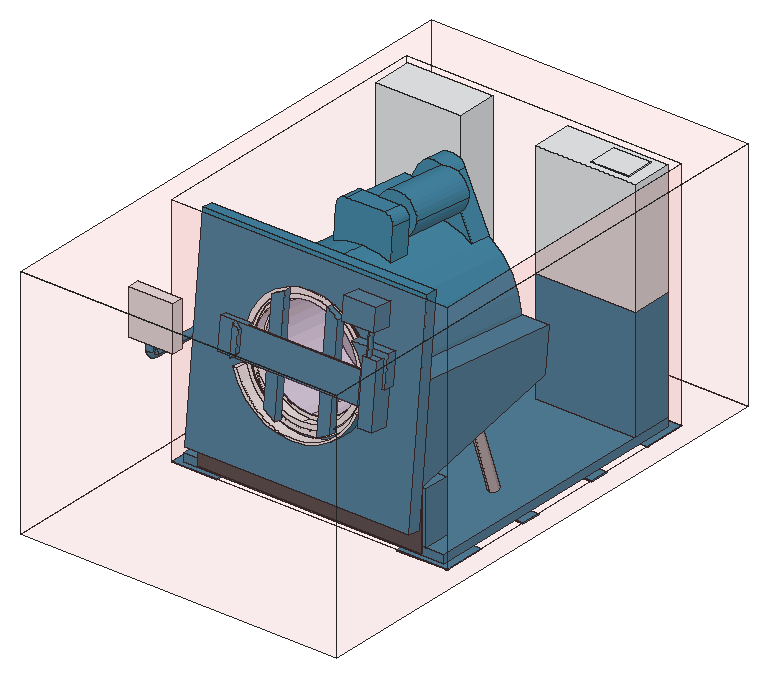
Revit family "Washer_Milnor_700lb-Capacity_72046M5K", category Mechanical Equipment, Revit 2026
Family settings
  Round Connector Dimension = Use Diameter
  Part Type = Normal
  Classification Number = 23.45.70.11.14.11
  Work Plane-Based = Yes
  Always vertical = No
  Cut with Voids When Loaded = No
  Maintain Annotation Orientation = No
  Shared = No
  Room Calculation Point = No
Parameters (values of type "7246M5KCE2018075D")
  doorgas = 28 1/2"
  Warranty Duration (Years) = 5
  Voltage_MEP = 44.5935 V
  Vibration Frequency = 0
  Unit Width = 116 7/16"
  Unit Weight = 17100
  Unit Height = 136 3/4"
  Unit Depth = 124 5/16"
  URL = "http://www.milnor.com/"
  Suspension Type = "Suspended"
  Specification = "https://www.arcat.com/sd/clients/pellerin.html"
  SpecWizard = "https://www.arcat.com/specwizard/11110pmc/index04.htm"
  Send Message = "http://www.arcat.com/users.pl?action=UserEmail&company=Pellerin+Milnor+Corp.&coid=34740&rep=108&fax=504-468-3094&mf="
  Sales Information = "http://www.milnor.com/contact_us.aspx"
  Revision = "R1_08-2018"
  Product Properties = "https://www.arcat.com/arcatcos/cos34/arc34740.html"
  Product Data = "http://www.arcat.com/arcatcos/cos34/arc34740.html"
  Phase = 3
  Number of Poles = 1
  Model = "7246M5KCE2018075D"
  Manufacturer Website = "http://www.milnor.com/"
  Manufacturer Phone - Toll Free = "800-469-8780"
  Manufacturer Phone = "504-467-9591"
  Manufacturer Fax = "504-468-3094"
  Manufacturer Address = "700 Jackson St.   Kenner, LA 70062"
  Manufacturer = "Pellerin Milnor Corp"
  Maintenance Schedule (Months) = 0
  MEP Amperage = 35 A
  Keynote = "11110"
  Interior Finish [instance] = Metal - Stainless Steel - Milnor - as Specified
  Installation-Fabrication = "https://www.arcat.com/catalogs/pellerin/pellerin.html"
  Installation Phase = ""
  Green Building-LEED = "https://www.arcat.com/green/green_building.shtml"
  Frequency = 60 Hz
  Extraction G-Force = "300 Gs"
  Expected Lifespan (Years) = 12
  Dynamic Load = 0.00 kip
  Drawn By = "Sumex Design, Inc. / Robert S. Weygant, CSI, CDT, SCIP"
  Door Opening Depth = 69 5/16"
  Door Opening = 48"
  Door Glazing [instance] = Glazing - Milnor - as Specified
  Door Finish [instance] = Metal - Stainless Steel - Milnor - Powder Coat as Specified
  Clearance Visible [instance] = yes
  Cabinet Front Doodads [instance] = Metal - Stainless Steel - Milnor - Powder Coat as Specified
  Description = "Milnor Commercial Washer Extractor"
  Default Elevation = 48"
  Cylinder Volume = 0.00 CF
  Cylinder Diameter = 68"
  Cylinder Depth = 36"
  Door Base from FF = 23.2"
  Copyright = "©Arcat Inc."
  Construction Details = "https://www.arcat.com/catalogs/pellerin/pellerin.html"
  Capacity = "600-700 lb"
  Cabinet Finish [instance] = Paint - Milnor - Blue
  Assembly Code = "E1010610"
Reference planes (in)
  plane 1 "Center (Front/Back)": y = 0
  plane 2 "Bottom": z = 0
  plane 3 "Center (Left/Right)": x = 0
  plane 4: y = -119.34375
  plane 5: z = 45
  plane 6: y = 50.03125
  plane 7: y = -50.03125
  plane 8: x = -58.21875
  plane 9: x = 58.21875
  plane 10: y = 73.96875
  plane 11: x = 53.125
  plane 12: z = 99.36991
  plane 13: y = 97.90625
Forms (in)
  Extrusion 1, solid, material "Paint - Milnor - Blue" <- "Cabinet Finish"
    sketch origin (0, 0, 0) x (1, 0, 0) y (0, 1, 0)
      loop
        line (-58.21875, -32.03125) -> (-58.21875, -50.03125) -> (-39.21875, -50.03125) -> (-39.21875, -32.03125) -> (-58.21875, -32.03125)
      loop
        line (37, -32.03125) -> (37, -50.03125) -> (58.21875, -50.03125) -> (58.21875, -32.03125) -> (37, -32.03125)
      loop
        line (-39.21875, -2.03125) -> (-58.21875, -2.03125) -> (-58.21875, -10.03125) -> (-39.21875, -10.03125) -> (-39.21875, -2.03125)
      loop
        line (-58.21875, 73.96875) -> (-58.21875, 55.96875) -> (-39.21875, 55.96875) -> (-39.21875, 73.96875) -> (-58.21875, 73.96875)
      loop
        line (37, 73.96875) -> (37, 55.96875) -> (58.21875, 55.96875) -> (58.21875, 73.96875) -> (37, 73.96875)
      loop
        line (-39.21875, 33.96875) -> (-58.21875, 33.96875) -> (-58.21875, 25.96875) -> (-39.21875, 25.96875) -> (-39.21875, 33.96875)
      loop
        line (37, -2.03125) -> (37, -10.03125) -> (58.21875, -10.03125) -> (58.21875, -2.03125) -> (37, -2.03125)
      loop
        line (37, 33.96875) -> (37, 25.96875) -> (58.21875, 25.96875) -> (58.21875, 33.96875) -> (37, 33.96875)
    from 0 to 0.25
  Extrusion 2, solid, material "Paint - Milnor - Black"
    sketch origin (-6.57785, -13.70318, 89.41361) x (0, 0, -1) y (1, 0, 0)
      loop
        circle (84.80775, 8.75) r 0.625
    from -88.59546 to 7.38853
  Extrusion 3, solid, material "Paint - Milnor - Blue" <- "Cabinet Finish"
    sketch origin (0, 0, 0) x (0, 1, 0) y (0, 0, 1)
      loop
        line (-51.69838, 11.91811) -> (-42.56176, 98.84727) -> (-47.53437, 99.36991) -> (-56.67099, 12.44076) -> (-51.69838, 11.91811)
    from -47.36425 to 47.36425
  Extrusion 4, solid, material "Paint - Milnor - Blue" <- "Cabinet Finish"
    sketch origin (0, -56.67099, 12.44076) x (0, 0.104528, 0.994522) y (-1, 0, 0)
      loop
        line (63.34195, -20.19914) -> (50.34195, -20.19914) -> (50.34195, -36.19914) -> (63.34195, -36.19914) -> (63.34195, -20.19914)
    from 0 to 4.277
  Extrusion 5, solid, material "Paint - Milnor - Blue" <- "Cabinet Finish"
    sketch origin (0, -55.88752, 19.89503) x (0, 0.104528, 0.994522) y (-1, 0, 0)
      loop
        line (47.15153, 32.74416) -> (34.15153, 32.74416) -> (34.15153, -26.34959) -> (47.15153, -26.34959) -> (47.15153, 32.74416)
    from 2.77869 to 5.14773
  Extrusion 6, solid, material "Paint - Milnor - Blue" <- "Cabinet Finish"
    sketch origin (0, -56.67099, 12.44076) x (0, 0.104528, 0.994522) y (-1, 0, 0)
      loop
        line (35.14687, -28.71384) -> (35.14687, -34.71384) -> (61.14687, -34.71384) -> (61.14687, -28.71384) -> (35.14687, -28.71384)
    from 0 to 7.70364
  Extrusion 7, solid, material "Paint - Milnor - Blue" <- "Cabinet Finish"
    sketch origin (0, -55.88752, 19.89503) x (0, 0.104528, 0.994522) y (-1, 0, 0)
      loop
        line (47.15153, 26.3125) -> (34.15153, 26.3125) -> (36.27285, 24.19118) -> (45.03021, 24.19118) -> (47.15153, 26.3125)
    from 5.14773 to 6.92948
  Extrusion 8, solid, material "Paint - Milnor - Blue" <- "Cabinet Finish"
    sketch origin (0, -56.67099, 12.44076) x (0, 0.104528, 0.994522) y (-1, 0, 0)
      loop
        line (50.34195, -29.67675) -> (42.34195, -29.67675) -> (42.34195, -31.67675) -> (50.34195, -31.67675) -> (50.34195, -29.67675)
    from 0 to 1.85829
  Extrusion 9, solid, material "Metal - Stainless Steel - Milnor - Powder Coat as Specified" <- "Door Finish"
    sketch origin (0, -55.88752, 19.89503) x (0, 0.104528, 0.994522) y (-1, 0, 0)
      loop
        circle (39.57704, 0) r 26
      loop
        circle (39.57704, 0) r 24
    from 0 to 0.25
  Extrusion 10, void
    sketch origin (0, -56.67099, 12.44076) x (0, -0.104528, -0.994522) y (-1, 0, 0)
      loop
        circle (-47.07237, -2.36425) r 25
    from -4.42404 to 9
  Extrusion 11, solid, material "Metal - Stainless Steel - Milnor - Powder Coat as Specified" <- "Door Finish"
    sketch origin (0, -55.88752, 19.89503) x (0, 0.104528, 0.994522) y (-1, 0, 0)
      loop
        circle (39.57704, 0) r 24
      loop
        circle (39.57704, 0) r 22
    from -5 to 0.125
  Extrusion 12, solid, material "Metal - Stainless Steel - Milnor - Powder Coat as Specified" <- "Door Finish"
    sketch origin (0, -55.88752, 19.89503) x (0, 0.104528, 0.994522) y (-1, 0, 0)
      loop
        circle (39.57704, 0) r 22
      loop
        circle (39.57704, 0) r 20.75
    from -42.18531 to -4
  Extrusion 13, solid, material "Glazing - Milnor - as Specified" <- "Door Glazing"
    sketch origin (0, -55.88752, 19.89503) x (0, 0.104528, 0.994522) y (-1, 0, 0)
      loop
        circle (39.57704, 0) r 20.75
    from -4.75 to -4.25
  Extrusion 14, solid, material "Paint - Milnor - Blue" <- "Cabinet Finish"
    sketch origin (2.83749, -56.64594, 12.67914) x (0, 0.104528, 0.994522) y (-1, 0, 0)
      loop
        arc (37.97157, 29.21249) -> (19.4855, 2.83749) -> (37.97157, -23.53751) r 28.0583
        line (37.97157, -23.53751) -> (37.97157, -22.33875)
        arc (37.97157, -22.33875) -> (20.29951, 2.53625) -> (37.97157, 27.41125) r 26.34292
        line (37.97157, 27.41125) -> (37.97157, 29.21249)
    from 0 to 4.96607
  Extrusion 15, solid, material "Metal - Stainless Steel - Milnor - Powder Coat as Specified" <- "Cabinet Front Doodads"
    sketch origin (70.39204, 23.96875, 99.36991) x (0, 1, 0) y (-1, 0, 0)
      loop
        line (32.27914, 36.44492) -> (32.27914, 20.70001) -> (44.27914, 20.70001) -> (44.27914, 36.44492) -> (32.27914, 36.44492)
    from 0 to 0.125
  Extrusion 16, solid, material "Paint - Milnor - Black"
    sketch origin (0, 70.49846, 0.25) x (0, 0, 1) y (1, 0, 0)
      loop
        circle (74.9785, -34.50451) r 0.25
      loop
        circle (6.9785, -34.50451) r 2
    from 0 to 0.48985
  Extrusion 17, solid, material "ARCAT Clearance", visible <- "Clearance Visible"
    sketch origin (64.26493, 103.11566, 0) x (1, 0, 0) y (0, 1, 0)
      loop
        line (2.76632, -5.20941) -> (-131.17118, -5.20941) -> (-131.17118, -222.45941) -> (2.76632, -222.45941) -> (2.76632, -5.20941)
      loop
        line (-122.48368, -153.14691) -> (-6.04618, -153.14691) -> (-6.04618, -29.14691) -> (-122.48368, -29.14691) -> (-122.48368, -153.14691)
    from 0 to 99.36991
  Revolve 18, solid, material "Paint - Milnor - Blue" <- "Cabinet Finish"
    sketch origin (0, 0, 0) x (0, 1, 0) y (0, 0, 1)
      loop
        line (-46.77798, 58.73262) -> (36.66924, 49.96196) -> (37.98157, 62.44795) -> (22.77323, 85.60977) -> (-43.22401, 92.54636) -> (-46.77798, 58.73262)
      axis (-46.77798, 58.73262) -> (36.66924, 49.96196)
    angle from 0 to 360
  Extrusion 19, solid, material "Paint - Milnor - Blue" <- "Cabinet Finish"
    sketch origin (0, 0, 0) x (1, 0, 0) y (0, 0, 1)
      loop
        line (-54.90625, 3.5) -> (-54.90625, 0.25) -> (54.90625, 0.25) -> (54.90625, 3.5) -> (-54.90625, 3.5)
    from -70.49846 to 47.72029
  Extrusion 20, solid, material "Paint - Milnor - Blue" <- "Cabinet Finish"
    sketch origin (0, 0, 0) x (0, 1, 0) y (0, 0, 1)
      loop
        line (-47.72029, 3.5) -> (-36.72029, 3.5) -> (-36.72029, 25.79376) -> (-47.72029, 25.79376) -> (-47.72029, 3.5)
    from -47.36425 to 47.36425
  Extrusion 21, solid, material "Paint - Milnor - Blue" <- "Cabinet Finish"
    sketch origin (0, 0, 0) x (0, 1, 0) y (0, 0, 1)
      loop
        line (-46.17628, 64.45743) -> (-50.33195, 24.91887) -> (17.93945, 39.61945) -> (19.82096, 57.52084) -> (-46.17628, 64.45743)
    from -45 to -34.125
  Extrusion 22, solid, material "Paint - Milnor - Blue" <- "Cabinet Finish"
    sketch origin (0, 0, 0) x (0, 1, 0) y (0, 0, -1)
      loop
        line (-46.17628, -64.45743) -> (19.82096, -57.52084) -> (17.93945, -39.61945) -> (-50.33195, -24.91887) -> (-46.17628, -64.45743)
    from -45 to -34.125
  Extrusion 23, solid, material "Paint - Milnor - Blue" <- "Cabinet Finish"
    sketch origin (0, 23.96875, 0) x (0, 1, 0) y (0, 0, 1)
      loop
        line (29.52971, 50.72341) -> (29.52971, 3.5) -> (46.52971, 3.5) -> (46.52971, 50.72341) -> (29.52971, 50.72341)
    from 12.63859 to 54.90625
  Extrusion 24, solid, material "Metal - Stainless Steel - Milnor - Powder Coat as Specified" <- "Cabinet Front Doodads"
    sketch origin (0, 23.96875, 0) x (0, 1, 0) y (0, 0, 1)
      loop
        line (46.52971, 50.72341) -> (46.52971, 99.36991) -> (29.52971, 99.36991) -> (29.52971, 50.72341) -> (46.52971, 50.72341)
    from 12.63859 to 54.90625
  Extrusion 25, solid, material "Paint - Milnor - Blue" <- "Cabinet Finish"
    sketch origin (0, 8.57565, -5.98428) x (1, 0, 0) y (0, 0.104528, 0.994522)
      loop
        spline (0, 91.10297) -> (1.5343, 91.07803) -> (3.06623, 91.00325) -> (4.59344, 90.87875) -> (6.11357, 90.70471) -> (7.62428, 90.4814) -> (9.12324, 90.20918) -> (10.60814, 89.88845) -> (12.0767, 89.51971) -> (13.52664, 89.10354) -> (14.95575, 88.64056) -> (16.36181, 88.13151) -> (17.74266, 87.57715)
        line (17.74266, 87.57715) -> (6.11891, 108.49711)
        arc (6.11891, 108.49711) -> (0, 112.09727) -> (-6.11891, 108.49711) r 7
        line (-6.11891, 108.49711) -> (-17.74266, 87.57715)
        spline (-17.74266, 87.57715) -> (-16.36181, 88.13151) -> (-14.95575, 88.64056) -> (-13.52664, 89.10354) -> (-12.0767, 89.51971) -> (-10.60814, 89.88845) -> (-9.12324, 90.20918) -> (-7.62428, 90.4814) -> (-6.11357, 90.70471) -> (-4.59344, 90.87875) -> (-3.06623, 91.00325) -> (-1.5343, 91.07803) -> (0, 91.10297)
    from -4.54561 to 4.46202
  Revolve 26, solid, material "Paint - Milnor - Blue" <- "Cabinet Finish"
    sketch origin (-32, 23.96875, 0) x (0, 1, 0) y (0, 0, 1)
      loop
        line (21.16723, 39.23406) -> (21.16723, 3.5) -> (23.52971, 3.5) -> (23.52971, 8.5) -> (27.54474, 14.23406) -> (27.54474, 39.23406) -> (21.16723, 39.23406)
      axis (21.16723, 39.23406) -> (21.16723, 3.5)
    angle from 0 to 360
  Revolve 27, solid, material "Metal - Stainless Steel - Milnor - as Specified"
    sketch origin (-40, 0, 0) x (0, 1, 0) y (0, 0, 1)
      loop
        line (-2.94357, 3.8942) -> (-1.04563, 4.52493) -> (-10.80664, 33.89713) -> (-12.70458, 33.26641) -> (-2.94357, 3.8942)
      axis (-12.70458, 33.26641) -> (-2.94357, 3.8942)
    angle from 0 to 360
  Revolve 28, solid, material "Metal - Stainless Steel - Milnor - as Specified"
    sketch origin (40, 0, 0) x (0, 1, 0) y (0, 0, -1)
      loop
        line (-2.94357, -3.8942) -> (-12.70458, -33.26641) -> (-10.80664, -33.89713) -> (-1.04563, -4.52493) -> (-2.94357, -3.8942)
      axis (-12.70458, -33.26641) -> (-2.94357, -3.8942)
    angle from 0 to 360
  Extrusion 29, solid, material "Paint - Milnor - Blue" <- "Cabinet Finish"
    sketch origin (0, 0, 0) x (1, 0, 0) y (0, 0, 1)
      loop
        spline (19, 30.69133) -> (16.04552, 29.47412) -> (12.9763, 28.46613) -> (9.8143, 27.67456) -> (6.58212, 27.10507) -> (3.30287, 26.76174) -> (0, 26.64703) -> (-3.30287, 26.76174) -> (-6.58212, 27.10507) -> (-9.8143, 27.67456) -> (-12.9763, 28.46613) -> (-16.04552, 29.47412) -> (-19, 30.69133)
        line (-19, 30.69133) -> (-19, 0) -> (19, 0) -> (19, 30.69133)
    from 21.09171 to 36.72029
  Extrusion 30, solid, material "Paint - Milnor - Blue" <- "Cabinet Finish"
    sketch origin (0.125, 23.96875, 0) x (0, 1, 0) y (0, 0, -1)
      loop
        line (29.52971, -39.23406) -> (46.52971, -39.23406) -> (46.52971, -3.5) -> (29.52971, -3.5) -> (29.52971, -39.23406)
    from 19.125 to 55.03125
  Extrusion 31, solid, material "Metal - Stainless Steel - Milnor - Powder Coat as Specified" <- "Cabinet Front Doodads"
    sketch origin (0.125, 23.96875, 0) x (0, 1, 0) y (0, 0, -1)
      loop
        line (46.52971, -39.23406) -> (29.52971, -39.23406) -> (29.52971, -99.36991) -> (46.52971, -99.36991) -> (46.52971, -39.23406)
    from 19.125 to 55.03125
  Extrusion 32, solid, material "Paint - Milnor - Black"
    sketch origin (28.41978, 70.74846, 126.34642) x (0, 0, -1) y (0, -1, 0)
      loop
        circle (84.80775, 8.75) r 1
      loop
        circle (99.55775, 8.75) r 1
      loop
        circle (114.30775, 8.75) r 1
      loop
        circle (118.55775, 8.75) r 1
    from -20.96134 to -16.58022
  Extrusion 33, solid, material "Metal - Stainless Steel - Milnor - Powder Coat as Specified" <- "Cabinet Front Doodads"
    sketch origin (0, -0.07454, 0) x (0, 1, 0) y (0, 0, 1)
      loop
        line (-58.32307, 50.33861) -> (-58.32307, 69.33861) -> (-62.94807, 69.33861) -> (-62.94807, 50.33861) -> (-58.32307, 50.33861)
    from -66.11425 to -47.36425
  Sweep 34, solid, material "Paint - Milnor - Blue" <- "Cabinet Finish"
    path origin (1.89869, -3.97671, 0) x (0.066507, 0.997786, 0) y (0, 0, 1)
      loop
        line (-60.58506, 50.33861) -> (-60.58506, 47)
        arc (-60.58506, 47) -> (-59.99927, 45.58579) -> (-58.58506, 45) r 2
        line (-58.58506, 45) -> (-36.88557, 45)
        arc (-36.88557, 45) -> (-35.47135, 44.41421) -> (-34.88557, 43) r 2
        line (-34.88557, 43) -> (-34.88557, 39)
    profile origin (-2.13064, -64.42762, 48.6693) x (0.997786, -0.066507, 0) y (0.066507, 0.997786, 0)
      loop
        circle (-56.73925, 0) r 1.5
  Extrusion 35, solid, material "Paint - Milnor - Blue" <- "Cabinet Finish"
    sketch origin (-0.09158, 0.35348, 0) x (1, 0, 0) y (0, 1, 0)
      loop
        circle (-56.92858, -35.33473) r 1.75
    from 0 to 39
  Extrusion 36, solid, material "Paint - Milnor - Black"
    sketch origin (0, 0, 0) x (0, 1, 0) y (0, 0, 1)
      loop
        line (-50.03125, 25.0188) -> (-50.15625, 25.0188) -> (-50.15625, 2.2688) -> (-50.03125, 2.2688) -> (-50.03125, 25.0188)
    from -47.36425 to 47.36425
  Revolve 37, solid, material "Paint - Milnor - Blue" <- "Cabinet Finish"
    sketch origin (0, 0, 0) x (0, 1, 0) y (0, 0, 1)
      loop
        line (-21.09171, 18.5) -> (-21.09171, 10.5) -> (-15.09171, 10.5) -> (-15.09171, 21.5) -> (-17.09171, 21.5) -> (-17.09171, 18.5) -> (-21.09171, 18.5)
      axis (-15.09171, 21.5) -> (-15.09171, 10.5)
    angle from 0 to 360
  Revolve 38, solid, material "Paint - Milnor - Blue" <- "Cabinet Finish"
    sketch origin (0, 0, 0) x (0, 1, 0) y (0, 0, 1)
      loop
        line (-19.72029, 10.5) -> (-19.72029, 3.5) -> (-19.22029, 3.5) -> (-19.22029, 10.5) -> (-19.72029, 10.5)
      axis (-19.22029, 10.5) -> (-19.22029, 3.5)
    angle from 0 to 360
  Extrusion 39, solid, material "Paint - Milnor - Blue" <- "Cabinet Finish"
    sketch origin (0, -56.13615, 19.92116) x (0, 0.104528, 0.994522) y (-1, 0, 0)
      loop
        line (60.37393, 14.047) -> (18.62473, 14.047) -> (15.62473, 8.85085) -> (63.37393, 8.85085) -> (60.37393, 14.047)
      loop
        line (60.37393, -14.047) -> (63.37393, -8.85085) -> (15.63848, -8.85085) -> (18.63848, -14.047) -> (60.37393, -14.047)
    from 0 to 2.77869
  Revolve 40, void
    sketch origin (0, 0, 0) x (0, 1, 0) y (0, 0, 1)
      loop
        line (-45.47287, 80.71663) -> (-47.7725, 58.83714) -> (-9.79638, 54.84569) -> (-7.49675, 76.72517) -> (-45.47287, 80.71663)
      axis (-9.79638, 54.84569) -> (-47.7725, 58.83714)
    angle from 0 to 360
  Revolve 41, solid, material "Metal - Stainless Steel - Milnor - as Specified" <- "Interior Finish"
    sketch origin (0, -7.67768, 0.80696) x (0, 1, 0) y (0, 0, 1)
      loop
        line (0.05027, 74.67507) -> (-1.12854, 74.79896) -> (-3.29751, 54.16263) -> (-2.11869, 54.03874) -> (0.05027, 74.67507)
      axis (-3.29751, 54.16263) -> (-2.11869, 54.03874)
    angle from 0 to 360
  Extrusion 42, solid, material "Paint - Milnor - Blue" <- "Cabinet Finish"
    sketch origin (0, -9.19259, 0.48176) x (1, 0, 0) y (0, 0.104528, 0.994522)
      loop
        line (8, 102.71882) -> (-8, 102.71882)
        arc (-8, 102.71882) -> (-10.82843, 101.54725) -> (-12, 98.71882) r 4
        line (-12, 98.71882) -> (-12, 82.71882) -> (12, 82.71882) -> (12, 98.71882)
        arc (12, 98.71882) -> (10.82843, 101.54725) -> (8, 102.71882) r 4
    from 13.71072 to 22.28306
  Extrusion 43, solid, material "Paint - Milnor - Blue" <- "Cabinet Finish"
    sketch origin (0, 0, 0) x (0, 1, 0) y (0, 0, 1)
      loop
        line (-13.8581, 87.25977) -> (13.58623, 84.37526) -> (14.9451, 97.30404) -> (-12.49923, 100.18856) -> (-13.8581, 87.25977)
    from -12 to 0
  Extrusion 44, solid, material "Paint - Milnor - Blue" <- "Cabinet Finish"
    sketch origin (0, -9.44386, 0.49493) x (1, 0, 0) y (0, 0.104528, 0.994522)
      loop
        circle (6.57246, 98.84727) r 8.5
    from -14.13604 to 13.45945
  Extrusion 45, solid, material "Paint - Milnor - Blue" <- "Cabinet Finish"
    sketch origin (0, -54.68495, 31.33667) x (0, 0.104528, 0.994522) y (-1, 0, 0)
      loop
        line (51.86926, -19.19914) -> (51.86926, -32.66588) -> (61.14687, -32.66588) -> (61.14687, -19.19914) -> (51.86926, -19.19914)
    from 0 to 7.70364
  Revolve 46, solid, material "Paint - Milnor - Blue" <- "Cabinet Finish"
    sketch origin (30, -1.98904, 0.20906) x (0, 1, 0) y (0, 0, 1)
      loop
        line (-53.09386, 83.32441) -> (-53.83975, 83.40281) -> (-54.85602, 73.73367) -> (-54.11012, 73.65528) -> (-53.09386, 83.32441)
      axis (-53.09386, 83.32441) -> (-54.11012, 73.65528)
    angle from 0 to 360
Cuts and joins
  Extrusion 10 cuts Extrusion 3
  Extrusion 10 cuts Extrusion 4
  Extrusion 10 cuts Extrusion 5
  Extrusion 10 cuts Extrusion 7
  joined: Revolve 37, Revolve 38
  Revolve 40 cuts Revolve 18
  joined: Revolve 18, Extrusion 42
  joined: Extrusion 25, Extrusion 43, Extrusion 44
Lines and regions (in)
  symbolic lines, style "MechanicalEquipmentHiddenLines"
    curve 1: line (-58.21875, 26.03125, 0) -> (65.84375, 26.03125, 0)
Dimensions and locks (in)
  equal spacing: plane 6, plane 1 "Center (Front/Back)", plane 7
  locked: plane 6 to plane 7 at 100.0625
  equal spacing: plane 8, plane 3 "Center (Left/Right)", plane 9
  "Unit Width": plane 8 to plane 9
  locked: plane 7 to plane 4 at 69.3125
  level to Extrusion 20 = 25.79376"
  locked: plane 10 to plane 6 at 23.9375
  equal spacing: plane 13, plane 10, plane 6
  aligned and locked: Extrusion 17 to plane 12
  aligned and locked: plane 13 to Extrusion 17
  aligned and locked: Extrusion 17 to Extrusion 1 sketch curve
  aligned and locked: Extrusion 1 sketch curve to plane 10  (x2)
  aligned and locked: Extrusion 1 sketch curve to Extrusion 17
  aligned and locked: plane 3 "Center (Left/Right)" to Extrusion 43
Automatic sketch dimensions
  curve 1 to plane 8 = 0"
  plane 9 to curve 1 = 7 5/8"
  curve 1 to plane 6 = 24"
  Extrusion 1 sketch curve to plane 8 = 0"  (x3)
  Extrusion 1 sketch curve to plane 7 = 0"  (x2)
  Extrusion 1 sketch curve to plane 9 = 0"  (x3)
  plane 1 "Center (Front/Back)" to Extrusion 1 sketch curve = 2 1/32"  (x2)
  Extrusion 1 sketch curve to Extrusion 1 sketch curve = 19"  (x3)
  plane 8 to Extrusion 1 sketch curve = 19"
  plane 11 to Extrusion 1 sketch curve = 16 1/8"  (x4)
  plane 7 to Extrusion 1 sketch curve = 18"  (x2)
  plane 1 "Center (Front/Back)" to Extrusion 1 sketch curve = 10 1/32"
  Extrusion 1 sketch curve to Extrusion 1 sketch curve = 8"  (x3)
  Extrusion 1 sketch curve to plane 6 = 24 1/16"  (x2)
  plane 6 to Extrusion 1 sketch curve = 5 15/16"  (x2)
  plane 3 "Center (Left/Right)" to Extrusion 2 sketch curve = 2.17215"
  level to Extrusion 2 sketch curve = 4.60586"
  Extrusion 3 sketch curve to plane 12 = 0"
  Extrusion 3 sketch curve to plane 7 = 6.63974"
  Extrusion 3 sketch curve to plane 7 = 1.66713"
  plane 7 to Extrusion 3 sketch curve = 2.49688"
  Extrusion 3 sketch curve to Extrusion 3 sketch curve = 0.52264"
  Extrusion 3 to Extrusion 4 sketch curve = 37.06603"
  Extrusion 4 sketch curve to Extrusion 4 sketch curve = 13"
  Extrusion 3 to Extrusion 4 sketch curve = 11.1651"
  Extrusion 4 sketch curve to Extrusion 4 sketch curve = 16"
  plane 8 to Extrusion 5 sketch curve = 25.47459"
  Extrusion 5 sketch curve to Extrusion 5 sketch curve = 13"
  plane 3 "Center (Left/Right)" to Extrusion 5 sketch curve = 26.34959"
  Extrusion 3 to Extrusion 6 sketch curve = 35.14687"
  Extrusion 3 to Extrusion 6 sketch curve = 12.65041"
  Extrusion 6 sketch curve to Extrusion 6 sketch curve = 26"
  Extrusion 6 sketch curve to Extrusion 6 sketch curve = 6"
  Extrusion 7 sketch curve to plane 3 "Center (Left/Right)" = 26 5/16"
  Extrusion 7 sketch curve to plane 3 "Center (Left/Right)" = 24.19118"
  Extrusion 7 sketch curve to Extrusion 7 sketch curve = 2.12132"  (x2)
  Extrusion 7 sketch curve to Extrusion 7 sketch curve = 8.75736"
  Extrusion 3 to Extrusion 8 sketch curve = 17 11/16"
  Extrusion 3 to Extrusion 8 sketch curve = 42.34195"
  Extrusion 8 sketch curve to Extrusion 8 sketch curve = 8"
  Extrusion 8 sketch curve to Extrusion 8 sketch curve = 2"
  Extrusion 9 sketch curve to Extrusion 9 sketch curve = 0"  (x2)
  Extrusion 9 sketch curve to plane 3 "Center (Left/Right)" = 0"
  Extrusion 10 sketch curve to Extrusion 3 = 40.33561"
  Extrusion 10 sketch curve to Extrusion 3 = 45"
  Extrusion 11 sketch curve to Extrusion 11 sketch curve = 0"  (x2)
  Extrusion 11 sketch curve to plane 3 "Center (Left/Right)" = 0"
  Extrusion 12 sketch curve to Extrusion 12 sketch curve = 0"  (x2)
  Extrusion 12 sketch curve to plane 3 "Center (Left/Right)" = 0"
  Extrusion 13 sketch curve to plane 3 "Center (Left/Right)" = 0"
  Extrusion 3 to Extrusion 14 sketch curve = 20.98925"
  Extrusion 3 to Extrusion 14 sketch curve = 38.21126"  (x2)
  Extrusion 14 sketch curve to Extrusion 14 sketch curve = 8.67086"
  Extrusion 14 sketch curve to Extrusion 14 sketch curve = 0.90137"
  Extrusion 14 sketch curve to Extrusion 14 sketch curve = 1.80124"
  Extrusion 14 sketch curve to Extrusion 14 sketch curve = 24.57376"
  Extrusion 14 sketch curve to Extrusion 14 sketch curve = 0.30124"
  plane 6 to Extrusion 15 sketch curve = 6.21664"
  Extrusion 15 sketch curve to plane 10 = 5.72086"
  plane 11 to Extrusion 15 sketch curve = 3.43298"
  Extrusion 15 sketch curve to Extrusion 15 sketch curve = 15.7449"
  level to Extrusion 16 sketch curve = 7.2285"
  Extrusion 16 sketch curve to plane 12 = 24.14141"
  plane 8 to Extrusion 16 sketch curve = 23.71424"  (x2)
  Extrusion 17 sketch curve to plane 13 = 0"
  Extrusion 17 sketch curve to plane 4 = 0"
  Extrusion 17 sketch curve to plane 8 = 0"
  Extrusion 17 sketch curve to plane 7 = 0"
  Extrusion 17 sketch curve to plane 9 = 0"
  Extrusion 17 sketch curve to plane 10 = 0"
  Extrusion 17 sketch curve to plane 8 = 8 11/16"
  plane 9 to Extrusion 17 sketch curve = 8 13/16"
  plane 7 to Revolve 18 sketch curve = 3.25327"
  plane 7 to Revolve 18 sketch curve = 6.80724"
  Revolve 18 sketch curve to plane 1 "Center (Front/Back)" = 22.77323"
  plane 5 to Revolve 18 sketch curve = 4.96196"
  Revolve 18 sketch curve to plane 6 = 13.36201"
  Revolve 18 sketch curve to plane 6 = 12.04968"
  level to Revolve 18 sketch curve = 58.73262"
  Revolve 18 sketch curve to Revolve 18 sketch curve = 3.97809"
  plane 5 to Revolve 18 sketch curve = 6.83374"
  Revolve 18 sketch curve to Revolve 18 sketch curve = 17.80878"
  Revolve 18 sketch curve to Revolve 18 sketch curve = 0.41811"
  level to Extrusion 19 sketch curve = 1/4"
  plane 8 to Extrusion 19 sketch curve = 3 5/16"
  Extrusion 19 sketch curve to plane 11 = 1 25/32"
  Extrusion 19 sketch curve to Extrusion 19 sketch curve = 3 1/4"
  plane 7 to Extrusion 20 sketch curve = 2.31096"
  Extrusion 20 sketch curve to Extrusion 20 sketch curve = 11"
  level to Extrusion 20 sketch curve = 3 1/2"
  Extrusion 20 sketch curve to plane 5 = 19.20624"
  Extrusion 21 sketch curve to plane 7 = 0.3007"
  plane 7 to Extrusion 21 sketch curve = 3.85497"
  Extrusion 21 sketch curve to plane 5 = 5.38055"
  Extrusion 21 sketch curve to plane 1 "Center (Front/Back)" = 17.93945"
  plane 5 to Extrusion 21 sketch curve = 12.52084"
  Extrusion 21 sketch curve to Extrusion 21 sketch curve = 1.88151"
  Extrusion 22 sketch curve to plane 7 = 0.3007"
  plane 7 to Extrusion 22 sketch curve = 3.85497"
  Extrusion 22 sketch curve to plane 5 = 5.38055"
  Extrusion 22 sketch curve to plane 1 "Center (Front/Back)" = 17.93945"
  plane 5 to Extrusion 22 sketch curve = 12.52084"
  Extrusion 22 sketch curve to Extrusion 22 sketch curve = 1.88151"
  plane 6 to Extrusion 23 sketch curve = 3.46721"
  Extrusion 23 sketch curve to plane 10 = 3.47029"
  level to Extrusion 23 sketch curve = 3 1/2"
  plane 5 to Extrusion 23 sketch curve = 5.72341"
  Extrusion 24 sketch curve to plane 12 = 0"
  plane 6 to Extrusion 24 sketch curve = 3.46721"
  Extrusion 24 sketch curve to plane 10 = 3.47029"
  plane 5 to Extrusion 24 sketch curve = 5.72341"
  Extrusion 25 sketch curve to plane 3 "Center (Left/Right)" = 0"  (x2)
  Extrusion 25 sketch curve to plane 3 "Center (Left/Right)" = 6.11891"
  Extrusion 25 sketch curve to plane 3 "Center (Left/Right)" = 17.74266"
  plane 3 "Center (Left/Right)" to Extrusion 25 sketch curve = 6.11891"
  plane 3 "Center (Left/Right)" to Extrusion 25 sketch curve = 17.74266"
  Extrusion 25 sketch curve to Extrusion 25 sketch curve = 0"  (x2)
  Extrusion 25 sketch curve to Extrusion 25 sketch curve = 17.52012"
  Extrusion 25 sketch curve to Extrusion 25 sketch curve = 3.39985"
  plane 11 to Extrusion 25 sketch curve = 14 1/32"
  Extrusion 25 sketch curve to Extrusion 25 sketch curve = 28.84453"
  Revolve 26 sketch curve to plane 6 = 4.89527"
  Revolve 26 sketch curve to plane 6 = 2.53279"
  plane 6 to Revolve 26 sketch curve = 1.48224"
  level to Revolve 26 sketch curve = 3 1/2"
  Revolve 26 sketch curve to Revolve 26 sketch curve = 5"
  Revolve 26 sketch curve to Revolve 26 sketch curve = 5.73406"
  Revolve 26 sketch curve to plane 5 = 5.76594"
  Revolve 26 sketch curve to Revolve 26 sketch curve = 0"  (x3)
  plane 1 "Center (Front/Back)" to Revolve 27 sketch curve = 12.70458"
  Revolve 27 sketch curve to Revolve 27 sketch curve = 1.89794"
  plane 1 "Center (Front/Back)" to Revolve 27 sketch curve = 2.94357"
  level to Revolve 27 sketch curve = 3.8942"
  Revolve 27 sketch curve to Revolve 27 sketch curve = 0.63073"
  Revolve 27 sketch curve to Revolve 27 sketch curve = 0.77316"
  Revolve 27 sketch curve to Revolve 27 sketch curve = 0"  (x2)
  Revolve 27 sketch curve to Revolve 27 sketch curve = 2.32653"
  plane 1 "Center (Front/Back)" to Revolve 28 sketch curve = 12.70458"
  Revolve 28 sketch curve to Revolve 28 sketch curve = 1.89794"
  plane 1 "Center (Front/Back)" to Revolve 28 sketch curve = 2.94357"
  Revolve 28 sketch curve to plane 5 = 11.10287"
  Revolve 28 sketch curve to Revolve 28 sketch curve = 0.63073"
  Revolve 28 sketch curve to Revolve 28 sketch curve = 1.24402"
  Revolve 28 sketch curve to Revolve 28 sketch curve = 0"  (x2)
  Revolve 28 sketch curve to Revolve 28 sketch curve = 3.74343"
  Extrusion 29 sketch curve to level = 0"
  Extrusion 29 sketch curve to plane 3 "Center (Left/Right)" = 0"
  Extrusion 29 sketch curve to plane 3 "Center (Left/Right)" = 19"
  plane 3 "Center (Left/Right)" to Extrusion 29 sketch curve = 19"
  Extrusion 29 sketch curve to plane 5 = 14.30867"
  plane 11 to Extrusion 29 sketch curve = 14 1/32"
  plane 5 to Extrusion 29 sketch curve = 13.73262"
  plane 6 to Extrusion 30 sketch curve = 3.46721"
  Extrusion 30 sketch curve to plane 10 = 3.47029"
  Extrusion 30 sketch curve to plane 5 = 5.76594"
  level to Extrusion 30 sketch curve = 3 1/2"
  Extrusion 31 sketch curve to plane 12 = 0"
  plane 6 to Extrusion 31 sketch curve = 3.46721"
  Extrusion 31 sketch curve to plane 10 = 3.47029"
  Extrusion 31 sketch curve to plane 5 = 5.76594"
  Extrusion 32 sketch curve to plane 5 = 3.46133"
  Extrusion 32 sketch curve to Extrusion 32 sketch curve = 14 3/4"
  level to Extrusion 32 sketch curve = 12.03867"
  Extrusion 32 sketch curve to Extrusion 32 sketch curve = 4 1/4"
  plane 6 to Extrusion 32 sketch curve = 11.96721"  (x3)
  Extrusion 32 sketch curve to Extrusion 32 sketch curve = 0"
  plane 5 to Extrusion 33 sketch curve = 5.33861"
  Extrusion 33 sketch curve to plane 7 = 12.99136"
  Extrusion 33 sketch curve to Extrusion 33 sketch curve = 4 5/8"
  Extrusion 33 sketch curve to Extrusion 33 sketch curve = 19"
  Sweep 34 sketch curve to plane 5 = 0"
  plane 5 to Sweep 34 sketch curve = 2"
  Sweep 34 sketch curve to plane 5 = 2"
  Sweep 34 sketch curve to Sweep 34 sketch curve = 21.69949"
  Sweep 34 sketch curve to Sweep 34 sketch curve = 4"
  Sweep 34 sketch curve to Sweep 34 sketch curve = 3.33861"
  profile plane to Sweep 34 sketch curve = 0"
  Sweep 34 sketch curve to profile plane = 56.73925"
  plane 8 to Extrusion 35 sketch curve = 1.19859"
  plane 7 to Extrusion 35 sketch curve = 15.04999"
  Extrusion 36 sketch curve to plane 7 = 0"
  Extrusion 36 sketch curve to plane 7 = 1/8"
  level to Extrusion 36 sketch curve = 2.2688"
  Extrusion 36 sketch curve to plane 5 = 19.9812"
  plane 1 "Center (Front/Back)" to Revolve 37 sketch curve = 21.09171"
  Revolve 37 sketch curve to Revolve 37 sketch curve = 4"
  Revolve 37 sketch curve to Revolve 37 sketch curve = 6"
  level to Revolve 37 sketch curve = 10 1/2"
  Revolve 37 sketch curve to Revolve 37 sketch curve = 8"
  Revolve 37 sketch curve to Revolve 37 sketch curve = 3"
  Revolve 37 sketch curve to Revolve 37 sketch curve = 0"  (x3)
  level to Revolve 38 sketch curve = 3 1/2"
  plane 1 "Center (Front/Back)" to Revolve 38 sketch curve = 19.72029"
  Revolve 38 sketch curve to Revolve 38 sketch curve = 1/2"
  Revolve 38 sketch curve to Revolve 38 sketch curve = 7"
  Revolve 38 sketch curve to Revolve 38 sketch curve = 0"  (x3)
  Extrusion 39 sketch curve to plane 3 "Center (Left/Right)" = 8.85085"
  plane 3 "Center (Left/Right)" to Extrusion 39 sketch curve = 8.85085"
  Extrusion 39 sketch curve to Extrusion 39 sketch curve = 0.01375"
  Extrusion 39 sketch curve to Extrusion 39 sketch curve = 3"  (x4)
  plane 3 "Center (Left/Right)" to Extrusion 39 sketch curve = 14.047"
  Extrusion 39 sketch curve to Extrusion 39 sketch curve = 41.73545"
  Extrusion 39 sketch curve to plane 3 "Center (Left/Right)" = 14.047"
  Extrusion 39 sketch curve to Extrusion 39 sketch curve = 0"
  plane 7 to Revolve 40 sketch curve = 2.25875"
  plane 7 to Revolve 40 sketch curve = 4.55838"
  plane 1 "Center (Front/Back)" to Revolve 40 sketch curve = 9.79638"
  plane 5 to Revolve 40 sketch curve = 9.84569"
  Revolve 40 sketch curve to Revolve 40 sketch curve = 3.99145"
  Revolve 40 sketch curve to Revolve 40 sketch curve = 0"  (x2)
  Revolve 40 sketch curve to Revolve 40 sketch curve = 0.99452"
  Revolve 40 sketch curve to Revolve 40 sketch curve = 0.10453"
  plane 1 "Center (Front/Back)" to Revolve 41 sketch curve = 10.97519"
  Revolve 41 sketch curve to Revolve 41 sketch curve = 1.17882"
  plane 1 "Center (Front/Back)" to Revolve 41 sketch curve = 8.80623"
  plane 5 to Revolve 41 sketch curve = 9.84569"
  Revolve 41 sketch curve to Revolve 41 sketch curve = 0.1239"
  Revolve 41 sketch curve to Revolve 41 sketch curve = 0"  (x2)
  Revolve 41 sketch curve to Revolve 41 sketch curve = 0.06434"
  Revolve 41 sketch curve to Revolve 41 sketch curve = 0.00676"
  Extrusion 42 sketch curve to plane 3 "Center (Left/Right)" = 12"
  Extrusion 42 sketch curve to Extrusion 42 sketch curve = 4"  (x2)
  plane 3 "Center (Left/Right)" to Extrusion 42 sketch curve = 8"
  Extrusion 42 sketch curve to Extrusion 42 sketch curve = 16"
  plane 1 "Center (Front/Back)" to Extrusion 43 sketch curve = 13.8581"
  plane 12 to Extrusion 43 sketch curve = 0.81865"
  plane 1 "Center (Front/Back)" to Extrusion 43 sketch curve = 12.49923"
  Extrusion 43 sketch curve to plane 1 "Center (Front/Back)" = 13.58623"
  Extrusion 43 sketch curve to plane 12 = 2.06587"
  plane 3 "Center (Left/Right)" to Extrusion 44 sketch curve = 6.57246"
  Extrusion 3 to Extrusion 45 sketch curve = 16.53872"
  Extrusion 3 to Extrusion 45 sketch curve = 7.26112"
  Extrusion 3 to Extrusion 45 sketch curve = 14.69837"
  Extrusion 45 sketch curve to Extrusion 45 sketch curve = 13.46673"
  Revolve 46 sketch curve to plane 7 = 6.81381"
  Revolve 46 sketch curve to Revolve 46 sketch curve = 0.74589"
  Revolve 46 sketch curve to plane 7 = 5.79754"
  Revolve 46 sketch curve to plane 12 = 25.50557"
  Revolve 46 sketch curve to Revolve 46 sketch curve = 0.0784"
  Revolve 46 sketch curve to Revolve 46 sketch curve = 0"  (x4)
  radius of Extrusion 2 sketch curve = 5/8"
  radius of Extrusion 9 sketch curve = 26"
  radius of Extrusion 9 sketch curve = 24"
  radius of Extrusion 10 sketch curve = 25"
  radius of Extrusion 11 sketch curve = 24"
  radius of Extrusion 11 sketch curve = 22"
  radius of Extrusion 12 sketch curve = 22"
  radius of Extrusion 12 sketch curve = 20 3/4"
  radius of Extrusion 13 sketch curve = 20 3/4"
  radius of Extrusion 16 sketch curve = 1/4"
  radius of Extrusion 16 sketch curve = 2"
  radius of Extrusion 32 sketch curve = 1"  (x4)
  radius of Sweep 34 sketch curve = 1 1/2"
  radius of Extrusion 35 sketch curve = 1 3/4"
  radius of Extrusion 44 sketch curve = 8 1/2"
Connectors (in)
  piping at (2.17215, 74.89227, 4.60586), diameter 1.25
    settings: on Extrusion 2, index 9, connector inside diameter 1 1/4", connector length 0", flow factor 0, pipe flow 0 GPM, pressure drop 0.00 psi, fitting loss kfactor 0, connector angle 0.00°, fixture units 0, engagement length 0", angle of deflection 0.00°, flow configuration 0, flow direction 1, fitting loss method 0, system type 29, joint type 0, gender type 0, connector reference index -1, connector utility 0, adjustable connector no, is connector primary yes, connector description "Steam Inlet"
  electrical at (41.81957, 62.24789, 99.49491)
    settings: on Extrusion 15, index 14, voltage 0 V, apparent load 0 VA, apparent load phase1 0 VA, apparent load phase2 0 VA, apparent load phase3 0 VA, power factor 1, load classification "Other", number of poles 1, system type 31, power factor state 1, is connector primary yes, connector utility no, sub classification motor no, connector description ""
  hvac at (-34.50451, 70.9883, 75.2285)
    settings: on Extrusion 16, index 15, duct flow 0 CFM, flow factor 0, pres drop 0.00 in-wg, loss coef 0, conn angle 0.00°, conn width 12", conn height 12", conn diameter 1/4", duct sys type 1, conn prof type 0, flow config 0, flow direction 0, loss method 0, conn ref index -1, conn util no, is conn primary yes, conn desc ""
  piping at (-34.50451, 70.9883, 7.2285), diameter 4
    settings: on Extrusion 16, index 16, connector inside diameter 24", connector length 0", flow factor 0, pipe flow 0 GPM, pressure drop 0.00 psi, fitting loss kfactor 0, connector angle 0.00°, fixture units 0, engagement length 0", angle of deflection 0.00°, flow configuration 0, flow direction 0, fitting loss method 0, system type 17, joint type 0, gender type 0, connector reference index -1, connector utility 0, adjustable connector no, is connector primary no, connector description ""
  piping at (49.38111, 61.99846, 41.53867), diameter 1.5
    settings: on Extrusion 32, index 17, connector inside diameter 24", connector length 0", flow factor 0, pipe flow 0 GPM, pressure drop 0.00 psi, fitting loss kfactor 0, connector angle 0.00°, fixture units 0, engagement length 0", angle of deflection 0.00°, flow configuration 0, flow direction 0, fitting loss method 0, system type 19, joint type 0, gender type 0, connector reference index -1, connector utility 0, adjustable connector no, is connector primary no, connector description ""
  piping at (49.38111, 61.99846, 41.53867), diameter 1.5
    settings: on Extrusion 32, index 18, connector inside diameter 24", connector length 0", flow factor 0, pipe flow 0 GPM, pressure drop 0.00 psi, fitting loss kfactor 0, connector angle 0.00°, fixture units 0, engagement length 0", angle of deflection 0.00°, flow configuration 0, flow direction 1, fitting loss method 0, system type 19, joint type 0, gender type 0, connector reference index -1, connector utility 0, adjustable connector no, is connector primary no, connector description ""
  piping at (49.38111, 61.99846, 26.78867), diameter 1.5
    settings: on Extrusion 32, index 19, connector inside diameter 24", connector length 0", flow factor 0, pipe flow 0 GPM, pressure drop 0.00 psi, fitting loss kfactor 0, connector angle 0.00°, fixture units 0, engagement length 0", angle of deflection 0.00°, flow configuration 0, flow direction 1, fitting loss method 0, system type 20, joint type 0, gender type 0, connector reference index -1, connector utility 0, adjustable connector no, is connector primary no, connector description ""
  piping at (49.38111, 61.99846, 12.03867), diameter 1.5
    settings: on Extrusion 32, index 20, connector inside diameter 24", connector length 0", flow factor 0, pipe flow 0 GPM, pressure drop 0.00 psi, fitting loss kfactor 0, connector angle 0.00°, fixture units 0, engagement length 0", angle of deflection 0.00°, flow configuration 0, flow direction 1, fitting loss method 0, system type 22, joint type 0, gender type 0, connector reference index -1, connector utility 0, adjustable connector no, is connector primary no, connector description ""
  piping at (49.38111, 61.99846, 7.78867), diameter 1.5
    settings: on Extrusion 32, index 21, connector inside diameter 24", connector length 0", flow factor 0, pipe flow 0 GPM, pressure drop 0.00 psi, fitting loss kfactor 0, connector angle 0.00°, fixture units 0, engagement length 0", angle of deflection 0.00°, flow configuration 0, flow direction 1, fitting loss method 0, system type 8, joint type 0, gender type 0, connector reference index -1, connector utility 0, adjustable connector no, is connector primary no, connector description ""
